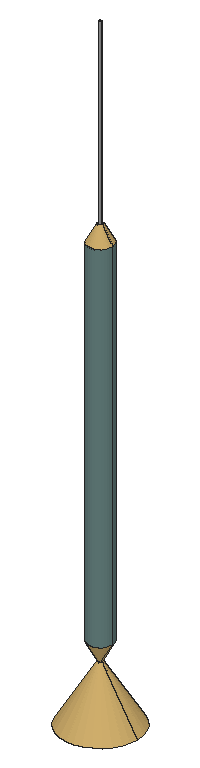
Revit family "CONV_Pholc_GnrlPrpseLmnrs_ApolloPendant59", category Lighting Fixtures, host Ceiling, Revit 2015
Parameters (values of type "Apollo 59 Deep sea/brass")
  Wattage = 1.37335 W
  WarrantyStartDate [instance] = "n/a"
  WarrantyGuarantorParts = "n/a"
  WarrantyGuarantorLabor = "n/a"
  WarrantyDurationUnit = "Year"
  WarrantyDurationParts = "n/a"
  WarrantyDurationLabor = "n/a"
  WarrantyDescription = "n/a"
  built-in parameter 1150110 = 1 (stored number, unit not read)
  VersionDate = "12/02/2018"  # constant formula
  Version = "1"  # constant formula
  UsageCurrent = 0 A
  Uniclass2015Reference = "Pr_70_70_48_86"
  Uniclass2015Description = "Suspended luminaires"
  Uniclass2 = "Pr_70_70_49_86"
  URL = "https://www.pholc.se/product/apollo-59-pendant/"
  TotalWattage = 20 W
  built-in parameter 1114217 = 1 (stored number, unit not read)
  Tilt Angle = 90.00°
  built-in parameter 1150109 = 1 (stored number, unit not read)
  built-in parameter 1150134 = (empty or 0)
  TagNumber [instance] = "n/a"
  SustainabilityPerformance = "n/a"
  built-in parameter 1150113 = 1 (stored number, unit not read)
  built-in parameter 1010507 = 1.5708 (stored number, unit not read)
  built-in parameter 1010506 = 0.5236 (stored number, unit not read)
  Size = "125x125x743 mm"
  Shape = "Sculptured"
  SerialNumber [instance] = "n/a"
  Revision = "n/a"
  ReplacementCost = "n/a"
  ProductInformation = "Apollo is a lamp with a very high sense of material presence.\r\nThe assembly of conical shapes that balances on top of each other like spinning gyros, emphasizes the downward force in a pendant lamp and create both a dynamic and static expression.\r\nMachine-turned from a solid piece of brass or aluminum, these shapes show not just a beautiful raw metal surface but also alludes to its mass and weight.\r\nThe lamp comes in three different heights and a variation of colors enabling a multitude of hanging combinations as groups or in singles.\r\nApollo is ideal to hang over a table or a counter, in a composed cluster or an outstretched row, letting the choice of material and color complete or match the surrounding setting."
  PhaseReference = "n/a"
  PhaseAngle = 0.00°
  Offset [instance] = -CableLength - NominalHeight  # -1043 mm
  NumberOfSources = 0
  NumberOfPoles = 1
  NominalWidth = NominalDiameter  # 125 mm
  NominalVoltageCalc = 0 V
  NominalVoltage = 230 V
  NominalRadius = NominalDiameter / 2  # 62.5 mm
  NominalLength = NominalDiameter  # 125 mm
  NominalHeight = ModelHeight + 153 mm  # 743 mm
  NominalFrequencyRange = 50 Hz
  NominalDiameter = 125 mm
  NominalCurrent = 0 A
  Name = "GnrlPrpseLmnrs_ApolloPendant59"
  NBSReference = "90-60-50/405"
  NBSDescription = "General purpose luminaires"
  ModelReference = "n/a"
  ModelNumber = ArticleNumber  # "592117"
  ModelHeight = 590 mm
  Model = "Apollo 59 Pendant Deep  Sea, Polished Brass"
  Material = "Aluminum, brass"
  ManufacturersSpecificInformation = "n/a"
  ManufacturerURL = "https://www.pholc.se/"
  ManufacturerName = "Pholc"
  Manufacturer = "Pholc"
  MaintenanceFactor = 0
  Lumens = 204 lm
  built-in parameter 1150115 = 1 (stored number, unit not read)
  built-in parameter 1150105 = 682.09 (stored number, unit not read)
  LightFixtureTertiaryMaterial = Textile Black
  LightFixtureSecondaryMaterial = Deep Sea
  LightFixturePlacingType = "Ceiling"
  LightFixtureMountingType = "Suspended"
  LightFixtureMainMaterial = Brass
  built-in parameter 1150131 = 3048 mm
  built-in parameter 1150137 = (empty or 0)
  built-in parameter 1150139 = (empty or 0)
  built-in parameter 1150112 = 1 (stored number, unit not read)
  built-in parameter 1150114 = 1 (stored number, unit not read)
  InsulationStandardClass = "n/a"
  InstallationDate [instance] = "n/a"
  built-in parameter 1150132 = 2
  built-in parameter 1150102 = (empty or 0)
  built-in parameter 1150138 = (empty or 0)
  built-in parameter 1150107 = 2700 (stored number, unit not read)
  built-in parameter 1150106 = 6.8209 (stored number, unit not read)
  IfcExportType = "NOTDEFINED"  # constant formula
  IfcExportAs = "IfcLightFixtureType"  # constant formula
  IP_Code = "n/a"
  HasProtectiveEarth = no
  Grade = "n/a"
  Finish = "Polished aluminum/brass"
  Features = "Ceiling plug"
  ExpiringDate = "07/2018"  # constant formula
  ExpectedLife = "n/a"
  Emit from Circle Diameter = 158 mm
  Emit Shape Visible in Rendering = no
  ElectricalDeviceNominalPower = 0
  built-in parameter 1150104 = 13.8 (stored number, unit not read)
  EANNumber = "n/a"
  DurationUnit = "Year"
  Dimming Lamp Color Temperature Shift = <None>
  Dimming = "None"
  Designer = "Broberg & Ridderstrale"
  DefaultElevation = 0 mm
  ConvergoRefNr = "0103-1801-0002-SE"
  Constituents = "n/a"
  Color Filter = 16777215
  Color = "Deep Sea"
  Collection = "Apollo"
  CodePerformance = "n/a"
  Category = "Pendant"
  CableLength = 300 mm
  Brand = "Pholc"
  Barcode [instance] = "n/a"
  built-in parameter 1114218 = 1 (stored number, unit not read)
  BIMObjectName = "CONV_Pholc_GnrlPrpseLmnrs_ApolloPendant59"
  Author = "Convergo AB"  # constant formula
  Light Source Symbol Length = 3048 mm
  AssetType = "Fixed"
  AssetIdentifier [instance] = "n/a"
  ArticleNumber = "592117"
  AccessibilityPerformance = "n/a"
Types (2, lengths in mm): name | ModelNumber | Model | LightFixtureSecondaryMaterial | LightFixtureMainMaterial | Color | ArticleNumber
  Apollo 59 Deep sea/brass | "592117" | "Apollo 59 Pendant Deep  Sea, Polished Brass" | Deep Sea | Brass | "Deep Sea" | "592117"
  Apollo 59 Light grey/aluminum | "592119" | "Apollo 59 Pendant Light Grey, Polished Aluminum" | Light Grey | Aluminum | "Light Grey" | "592119"
Reference planes
  plane 1 "Light Source Axis (F/B)": y = 0
  plane 2: z = 0
  plane 3 "Light Source Axis (L/R)": x = 0
  plane 4 "Ceiling": z = 0
  plane 5 "Light Source Elevation": z = -1043
  plane 6: x = 62.5
  plane 7: z = -300
  plane 8: z = -1043
  plane 9: x = -62.5
  plane 10: y = 62.5
  plane 11: y = -62.5
Forms (mm)
  Extrusion 1, solid, material "Textile Black" <- "LightFixtureTertiaryMaterial", detail levels medium+fine
    sketch origin (0, 0, -1043) x (-1, 0, 0) y (0, -1, 0)
      loop
        circle (0, 0) r 2
    from 743 to 1043
  Extrusion 2, solid, material "Brass" <- "LightFixtureMainMaterial", detail levels coarse
    sketch origin (0, 0, -1043) x (-1, 0, 0) y (0, -1, 0)
      loop
        line (62.5, -62.5) -> (62.5, 62.5) -> (-62.5, 62.5) -> (-62.5, -62.5) -> (62.5, -62.5)
    from 0 to 1043
Lines and regions (mm)
  symbolic lines, detail levels medium+fine
    curve 1: line (2, 0, 0) -> (-2, 0, 0)
    curve 2: line (0, 2, 0) -> (0, -2, 0)
    curve 3: line (2, 0, -300) -> (2, 0, 0)
    curve 4: line (-2, 0, 0) -> (-2, 0, -300)
    curve 5: line (0, -2, -300) -> (0, -2, 0)
    curve 6: line (0, 2, -300) -> (0, 2, 0)
Dimensions and locks
  equal spacing: host sketch curve, plane 3 "Light Source Axis (L/R)", host sketch curve
  equal spacing: host sketch curve, plane 1 "Light Source Axis (F/B)", host sketch curve
  host sketch curve to host sketch curve = 4000 mm  (x2)
  locked: plane 4 "Ceiling" to host ceiling at 0
  "CableLength": plane 7 to level
  "NominalHeight": plane 7 to plane 8
  equal spacing: plane 9, plane 3 "Light Source Axis (L/R)", plane 6
  "NominalLength": plane 9 to plane 6
  equal spacing: plane 10, plane 1 "Light Source Axis (F/B)", plane 11
  "NominalWidth": plane 10 to plane 11
  locked: plane 8 to imposter light at 44.735
  aligned and locked: imposter light to plane 3 "Light Source Axis (L/R)"
  aligned and locked: plane 1 "Light Source Axis (F/B)" to imposter light
  aligned and locked: level to Extrusion 1
  aligned and locked: Extrusion 1 to plane 7
  aligned and locked: curve 1 to Extrusion 1  (x2)
  aligned and locked: curve 2 to Extrusion 1
  aligned and locked: plane 8 to plane 5 "Light Source Elevation"
  aligned and locked: plane 10 to Extrusion 2 sketch curve
  aligned and locked: plane 9 to Extrusion 2 sketch curve
  aligned and locked: Extrusion 2 sketch curve to plane 11
  aligned and locked: Extrusion 2 sketch curve to plane 6
  aligned and locked: level to Extrusion 2
  aligned and locked: nested 1 to imposter light
Automatic sketch dimensions
  plane 1 "Light Source Axis (F/B)" to Extrusion 1 sketch curve = 0 mm
  Extrusion 1 sketch curve to plane 3 "Light Source Axis (L/R)" = 0 mm
  curve 4 to plane 7 = 0 mm
  curve 3 to plane 7 = 0 mm
  curve 4 to plane 3 "Light Source Axis (L/R)" = 2 mm
  curve 5 to plane 7 = 0 mm
  curve 6 to plane 7 = 0 mm
  plane 1 "Light Source Axis (F/B)" to curve 2 = 2 mm
  curve 6 to plane 1 "Light Source Axis (F/B)" = 2 mm
  radius of Extrusion 1 sketch curve = 2 mm
Nested families
  nested 1: "apollo" at (0, 0, -1043), Main (brass) <- "LightFixtureMainMaterial", Secondary <- "LightFixtureSecondaryMaterial", Height <- "ModelHeight", built-in parameter 1001364 <- "Offset", type "apollo"
    with Secondary Deep Sea, Main (brass) Brass, Height 590 mm
Connectors
  electrical at (0, 0, 0), driven by "NominalVoltage"
    settings: on Extrusion 1, index 1, voltage 230 V, apparent load 0 VA, apparent load phase1 0 VA, apparent load phase2 0 VA, apparent load phase3 0 VA, power factor 1, load classification "Lighting", number of poles 1, system type 31, power factor state 1, is connector primary yes, connector utility no, sub classification motor no, connector description ""
Definition of nested family "apollo"
  Parameters (values of type "apollo")
    Secondary [instance] = none
    Main (brass) [instance] = none
    Height [instance] = 390 mm
  Reference planes
    plane 1 "Center (Front/Back)": y = 0
    plane 2: z = 0
    plane 3 "Center (Left/Right)": x = 0
    plane 4: x = -62.5
    plane 5: x = 62.5
    plane 6: y = 62.5
    plane 7: y = -62.5
    plane 8: z = 125
    plane 9: z = 515
  Forms (mm)
    Revolve 1, solid, material <- "Main (brass)", detail levels medium+fine
      sketch origin (0, 0, 0) x (1, 0, 0) y (0, 0, 1)
        loop
          line (62.5, 0) -> (3, 95) -> (20, 125) -> (2, 125) -> (2, 68.857) -> (3, 68.857) -> (10, 68.857) -> (10, 48.99)
          arc (10, 48.99) -> (29.37, 40.465) -> (43.478, 24.691) r 50
          line (43.478, 24.691) -> (57.5, 0) -> (62.5, 0)
        axis (0, 125) -> (0, 0)
      angle from 0 to 360
    Extrusion 2, solid, material <- "Secondary", detail levels medium+fine
      sketch origin (0, 0, 0) x (1, 0, 0) y (0, 1, 0)
        loop
          circle (0, 0) r 20
        loop
          circle (0, 0) r 3
      from 125 to 515
    Revolve 3, solid, material <- "Main (brass)", detail levels medium+fine
      sketch origin (0, 0, 0) x (1, 0, 0) y (0, 0, 1)
        loop
          line (3, 515) -> (20, 515) -> (4, 543) -> (3, 543) -> (3, 515)
        axis (0, 543) -> (0, 515)
      angle from 0 to 360
  Lines and regions (mm)
    symbolic lines, detail levels fine
      curve 1: line (20, 0, 515) -> (-20, 0, 515)
      curve 3: line (-20, 0, 125) -> (20, 0, 125)
      curve 4: line (-3, 0, 95) -> (3, 0, 95)
      curve 14: line (0, -20, 125) -> (0, 20, 125)
      curve 25: line (0, 3, 95) -> (0, -3, 95)
      curve 26: line (0, 20, 515) -> (0, -20, 515)
      curve 28: circle (0, 0, 0) r 57.5 normal (0, 0, 1)
      curve 29: circle (0, 0, 0) r 10 normal (0, 0, 1)
      curve 31: line (2, 0, 543) -> (-2, 0, 543)
      curve 32: line (0, 2, 543) -> (0, -2, 543)
    symbolic lines, detail levels medium+fine
      curve 2: line (4, 0, 543) -> (2, 0, 543)
      curve 5: line (62.5, 0, 0) -> (-62.5, 0, 0)
      curve 6: line (-62.5, 0, 0) -> (-3, 0, 95)
      curve 7: line (3, 0, 95) -> (62.5, 0, 0)
      curve 8: line (3, 0, 95) -> (20, 0, 125)
      curve 9: line (-20, 0, 125) -> (-3, 0, 95)
      curve 10: line (-20, 0, 125) -> (-20, 0, 515)
      curve 11: line (20, 0, 515) -> (20, 0, 125)
      curve 12: line (-20, 0, 515) -> (-4, 0, 543)
      curve 13: line (20, 0, 515) -> (4, 0, 543)
      curve 15: line (0, 62.5, 0) -> (0, -62.5, 0)
      curve 16: line (0, 62.5, 0) -> (0, 3, 95)
      curve 17: line (0, 3, 95) -> (0, 20, 125)
      curve 18: line (0, -3, 95) -> (0, -20, 125)
      curve 19: line (0, -3, 95) -> (0, -62.5, 0)
      curve 20: line (0, 20, 125) -> (0, 20, 515)
      curve 21: line (0, 20, 515) -> (0, 4, 543)
      curve 22: line (0, -4, 543) -> (0, -20, 515)
      curve 23: line (0, -20, 515) -> (0, -20, 125)
      curve 24: line (0, 4, 543) -> (0, 2, 543)
      curve 27: circle (0, 0, 0) r 62.5 normal (0, 0, 1)
      curve 30: line (-2, 0, 543) -> (-4, 0, 543)
      curve 33: line (0, -2, 543) -> (0, -4, 543)
  Dimensions and locks
    equal spacing: plane 4, plane 3 "Center (Left/Right)", plane 5
    plane 4 to plane 5 = 125 mm
    equal spacing: plane 6, plane 1 "Center (Front/Back)", plane 7
    plane 6 to plane 7 = 125 mm
    plane 8 to level = 125 mm
    "Height": plane 9 to plane 8
    aligned and locked: level to plane 2
    aligned and locked: plane 9 to Extrusion 2
    aligned and locked: Extrusion 2 to plane 8
    aligned and locked: plane 9 to Revolve 3  (x3)
    aligned and locked: curve 1 to Revolve 3
    aligned and locked: curve 2 to Revolve 3
    aligned and locked: curve 3 to Extrusion 2
    aligned and locked: curve 4 to Revolve 1
    aligned and locked: curve 5 to Revolve 1
    aligned and locked: curve 14 to Extrusion 2
    aligned and locked: curve 15 to Revolve 1
    aligned and locked: curve 26 to plane 9
  Automatic sketch dimensions
    Revolve 1 sketch curve to level = 0 mm  (x3)
    Revolve 1 sketch curve to plane 3 "Center (Left/Right)" = 0 mm  (x2)
    Revolve 1 sketch curve to plane 8 = 0 mm  (x2)
    Revolve 1 sketch curve to plane 5 = 0 mm
    plane 3 "Center (Left/Right)" to Revolve 1 sketch curve = 2 mm
    Revolve 1 sketch curve to Revolve 1 sketch curve = 1 mm
    plane 3 "Center (Left/Right)" to Revolve 1 sketch curve = 3 mm
    Revolve 1 sketch curve to Revolve 1 sketch curve = 7 mm
    Revolve 1 sketch curve to Revolve 1 sketch curve = 18 mm
    Revolve 1 sketch curve to plane 5 = 19.022 mm
    Revolve 1 sketch curve to Revolve 1 sketch curve = 5 mm
    level to Revolve 1 sketch curve = 24.691 mm
    Revolve 1 sketch curve to Revolve 1 sketch curve = 19.867 mm
    Revolve 1 sketch curve to Revolve 1 sketch curve = 26.143 mm
    Revolve 1 sketch curve to Revolve 1 sketch curve = 0 mm
    Extrusion 2 sketch curve to Extrusion 2 sketch curve = 0 mm  (x2)
    plane 1 "Center (Front/Back)" to Extrusion 2 sketch curve = 0 mm
    Extrusion 2 sketch curve to plane 3 "Center (Left/Right)" = 0 mm
    Revolve 3 sketch curve to plane 3 "Center (Left/Right)" = 0 mm
    Revolve 3 sketch curve to plane 9 = 0 mm  (x2)
    plane 3 "Center (Left/Right)" to Revolve 3 sketch curve = 3 mm
    Revolve 3 sketch curve to Revolve 3 sketch curve = 1 mm
    Revolve 3 sketch curve to Revolve 3 sketch curve = 17 mm
    plane 9 to Revolve 3 sketch curve = 28 mm
    Revolve 3 sketch curve to Revolve 3 sketch curve = 0 mm
    curve 27 to curve 28 = 0 mm  (x2)
    curve 27 to curve 29 = 0 mm  (x2)
    curve 28 to curve 29 = 0 mm  (x2)
    plane 1 "Center (Front/Back)" to curve 28 = 0 mm
    curve 28 to plane 3 "Center (Left/Right)" = 0 mm
    curve 6 to level = 0 mm
    curve 6 to plane 4 = 0 mm
    curve 9 to plane 8 = 0 mm
    curve 7 to plane 5 = 0 mm
    curve 9 to plane 3 "Center (Left/Right)" = 20 mm
    curve 12 to plane 3 "Center (Left/Right)" = 4 mm
    curve 9 to plane 3 "Center (Left/Right)" = 3 mm
    plane 3 "Center (Left/Right)" to curve 8 = 3 mm
    plane 3 "Center (Left/Right)" to curve 13 = 4 mm
    plane 3 "Center (Left/Right)" to curve 1 = 20 mm
    curve 9 to plane 8 = 30 mm
    curve 12 to curve 30 = 2 mm
    plane 3 "Center (Left/Right)" to curve 31 = 2 mm
    curve 15 to plane 7 = 0 mm
    curve 23 to plane 8 = 0 mm
    curve 16 to plane 6 = 0 mm
    plane 1 "Center (Front/Back)" to curve 23 = 20 mm
    plane 1 "Center (Front/Back)" to curve 22 = 4 mm
    plane 1 "Center (Front/Back)" to curve 18 = 3 mm
    curve 17 to plane 1 "Center (Front/Back)" = 3 mm
    curve 21 to plane 1 "Center (Front/Back)" = 20 mm
    curve 25 to plane 8 = 30 mm
    plane 9 to curve 33 = 28 mm
    curve 22 to curve 33 = 2 mm
    curve 24 to plane 1 "Center (Front/Back)" = 2 mm
    curve 24 to curve 24 = 2 mm
    radius of Extrusion 2 sketch curve = 20 mm
    radius of Extrusion 2 sketch curve = 3 mm
    radius of curve 27 = 62.5 mm
    radius of curve 28 = 57.5 mm
    radius of curve 29 = 10 mm
